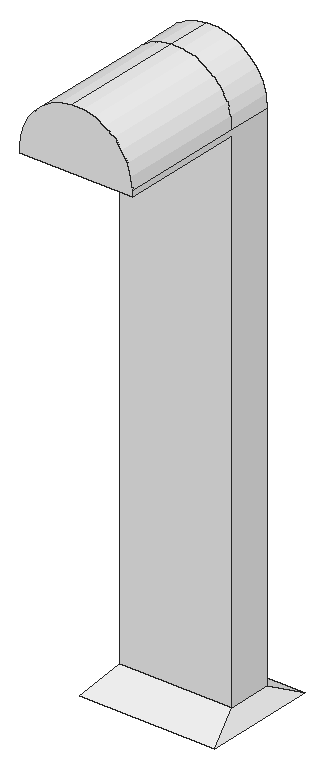
Revit family "SL1", category Lighting Fixtures, Revit 2014
Parameters (values of type "SL1")
  Wattage Comments = "default"
  Wattage = 56 W
  built-in parameter 1150110 = 1 (stored number, unit not read)
  Voltage = 120 V
  URL = "https://www.hubbell.com/kimlighting/en/"
  Type Comments = "Light Fixture"  # constant formula
  built-in parameter 1114217 = 1 (stored number, unit not read)
  Tilt Angle = 60.00°
  built-in parameter 1150109 = 1 (stored number, unit not read)
  built-in parameter 1150134 = 3
  built-in parameter 1150113 = 1 (stored number, unit not read)
  Series = "Site Lightforms"  # constant formula
  Radius = Diameter / 2  # 2.50"
  Product Page URL = "https://www.hubbell.com/kimlighting/en/Products/Lighting-Controls/Commercial-Outdoor-Lighting/Bollards/Site-Lightforms/p/248481"
  Product Documentation Link = "https://hubbellcdn.com/specsheet/kl_sl1led_spec.pdf"
  Power Factor = 1
  Photometric Web Link = "https://www.hubbell.com/kimlighting/en/Products/Lighting-Controls/Commercial-Outdoor-Lighting/Bollards/Site-Lightforms/p/248481#prod-photometry-section"
  Photometric Web File = "sl1-36l3k.ies"
  Photometric Notes = "More IES files download on Photometric Web Link"  # constant formula
  Number of Poles = 1
  Model = "Site Lightforms"  # constant formula
  MasterFormat Title = "Landscape Lighting, Site Lighting, Walkway Lighting"  # constant formula
  Manufacturer = "Kim Lighting"  # constant formula
  built-in parameter 1150105 = 402.54 (stored number, unit not read)
  Lumens = 5058.48 lm
  built-in parameter 1150115 = 1 (stored number, unit not read)
  Load Classification = Lighting
  built-in parameter 1150137 = (empty or 0)
  built-in parameter 1150139 = (empty or 0)
  built-in parameter 1150112 = 1 (stored number, unit not read)
  built-in parameter 1150114 = 1 (stored number, unit not read)
  Lamp = "LED"  # constant formula
  built-in parameter 1150132 = (empty or 0)
  built-in parameter 1150102 = (empty or 0)
  built-in parameter 1150107 = 3200 (stored number, unit not read)
  built-in parameter 1150138 = (empty or 0)
  built-in parameter 1150106 = 4.0254 (stored number, unit not read)
  Height = 24.00"
  Glass = Glass-KIM-Temper Molded
  Finish = Powder Coat-Kim-White
  Emit from Rectangle Width = 4.00"
  Emit from Rectangle Length = 4.00"
  Emit Shape Visible in Rendering = no
  built-in parameter 1150104 = 8.3919 (stored number, unit not read)
  Dimming Lamp Color Temperature Shift = <None>
  Diameter = 5.00"  # constant formula
  Description = "Sight Lightforms are specifically designed and engineered to combine contemporary form with rugged vandal-resistant construction. All fixture heads are heavy-wall one-piece aluminum castings and head to shaft connections are concealed for greater strength and clean detailing."  # constant formula
  Color Filter = 16777215
  built-in parameter 1114218 = 1 (stored number, unit not read)
  built-in parameter 1150133 = 10 (stored number, unit not read)
  Assembly Code = "D5020200"
  Apparent Load = 56 VA
Reference planes (in)
  plane 1 "Light Source Axis (F/B)": y = 0
  plane 2: z = 0
  plane 3 "Light Source Axis (L/R)": x = 0
  plane 4 "Light Source Elevation": z = 37.62598
  plane 5: z = 42
  plane 6: x = -4
  plane 7: x = 4
  plane 8: y = -3.13
  plane 9: y = -11.13
Forms (in)
  Extrusion 1, solid, material "Powder Coat-Kim-White" <- "Finish"
    sketch origin (0, 0, 0) x (1, 0, 0) y (0, 0, 1)
      loop
        line (-4, 0) -> (4, 0) -> (4, 38)
        arc (4, 38) -> (2.7152, 40.93729) -> (-0.31384, 41.98767) r 4
        arc (-0.31384, 41.98767) -> (-2.93729, 40.7152) -> (-4, 38) r 4
        line (-4, 38) -> (-4, 0)
    from 0 to 3.13
  Extrusion 2, solid, material "Powder Coat-Kim-White" <- "Finish"
    sketch origin (0, 0, 0) x (1, 0, 0) y (0, 0, 1)
      loop
        line (-4, 37.62598) -> (4, 37.62598) -> (4, 38)
        arc (4, 38) -> (2.7152, 40.93729) -> (-0.31384, 41.98767) r 4
        arc (-0.31384, 41.98767) -> (-2.93729, 40.7152) -> (-4, 38) r 4
        line (-4, 38) -> (-4, 37.62598)
    from 0 to 12
  Blend 3, solid, material "Powder Coat-Kim-White" <- "Finish"
    base sketch origin (0, 0, 0) x (1, 0, 0) y (0, 1, 0)
      loop
        line (4.83696, 2.2641) -> (-4.78804, 2.2641) -> (-4.78804, -5.7359) -> (4.83696, -5.7359) -> (4.83696, 2.2641)
    top sketch origin (0, 0, 0) x (1, 0, 0) y (0, 1, 0)
      loop
        line (4, 0) -> (-4, 0) -> (-4, -3.13) -> (4, -3.13) -> (4, 0)
    from 0 to 1.16891
Cuts and joins
  joined: Extrusion 1, Extrusion 2, Blend 3
Nested families (in)
  nested 1: "Notation" at (0, 4.62623, 0), type "Notation"
Connectors (in)
  electrical at (0.02446, -1.7359, 0)
    settings: on cut or joined group of Extrusion 1, Extrusion 2, Blend 3, index 1, voltage 120 V, apparent load 56 VA, apparent load phase1 0 VA, apparent load phase2 0 VA, apparent load phase3 0 VA, power factor 0.9, load classification "Other", number of poles 1, system type 30, power factor state 1, is connector primary yes, connector utility no, sub classification motor no, connector description "Lighting Connector"
Definition of nested family "Notation"
  Parameters (values of type "Notation")
    Notation = "LF"
  Reference planes (in)
    plane 1: y = 0
    plane 2: x = 0
  Text (in)
    label "Notation" at (0.02149, 0.07192, 0), shows "Notation"
